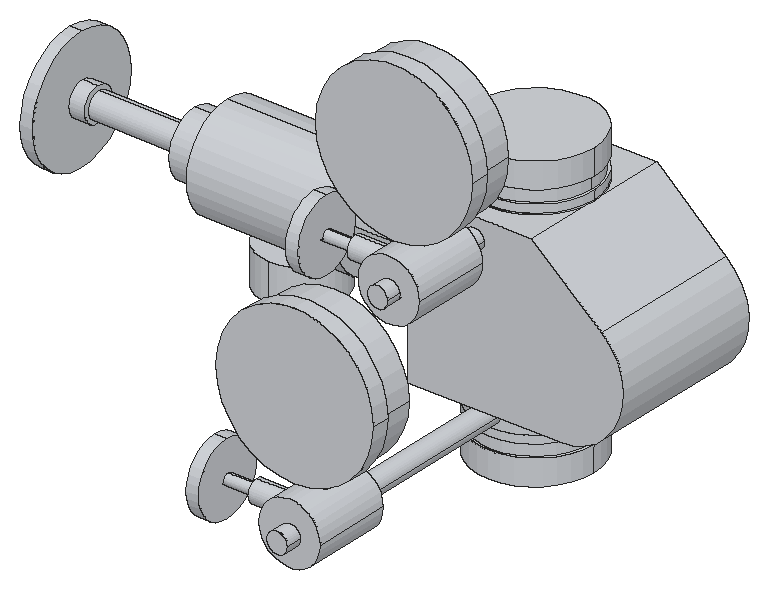
Revit family
Reference planes (in)
  plane 1 "Center (Front/Back)": y = 0
  plane 2: z = 0
  plane 3 "Center (Left/Right)": x = 0
Dimensions and locks (in)
  aligned and locked: plane 2 to level
Nested families (in)
  nested 1: "25RC" at (0, 0, 0), type "RASCO MODEL G RISER CHECK W/ TRIM"
Connectors (in)
  piping at (-0.00346, 0.00987, 7.11936)
    settings: on nested 1, index 1, connector radius 1 1/2", flow factor 0, pipe flow 0 GPM, pressure drop 0.00 psi, fitting loss kfactor 0, connector angle 0.00°, fixture units 0, flow configuration 0, flow direction 0, fitting loss method 0, system type 7, connector reference index -1, connector utility 0, adjustable connector no, is connector primary yes, fitting loss table "", connector description ""
  piping at (0, 0, 0)
    settings: on nested 1, index 2, connector radius 1 1/2", flow factor 0, pipe flow 0 GPM, pressure drop 0.00 psi, fitting loss kfactor 0, connector angle 0.00°, fixture units 0, flow configuration 0, flow direction 0, fitting loss method 0, system type 7, connector reference index -1, connector utility 0, adjustable connector no, is connector primary no, fitting loss table "", connector description ""
  piping at (-5.71068, 0, 1.64742)
    settings: on nested 1, index 3, connector radius 1", flow factor 0, pipe flow 0 GPM, pressure drop 0.00 psi, fitting loss kfactor 0, connector angle 0.00°, fixture units 0, flow configuration 0, flow direction 0, fitting loss method 0, system type 7, connector reference index -1, connector utility 0, adjustable connector no, is connector primary no, fitting loss table "", connector description ""
Definition of nested family "25RC"
  Reference planes (in)
    plane 1 "Center (Front/Back)": y = 0
    plane 2: z = 0
    plane 3 "Center (Left/Right)": x = 0
    plane 4 "ref.2": z = 0.62514
    plane 5: z = 7.125
    plane 6 "name": y = -3.125
    plane 7 "REF3": z = 0.93714
    plane 8: x = -11.38
  Forms (in)
    Extrusion 1, solid
      sketch origin (0, 0, 0) x (1, 0, 0) y (0, 1, 0)
        loop
          circle (0, 0) r 1.4325
      from 0 to 0.625
    Extrusion 2, solid
      sketch origin (0, 0, 0.62514) x (-1, 0, 0) y (0, -1, 0)
        loop
          circle (0, 0) r 1.43752
      from 0.512 to 5.35722
    Extrusion 3, solid
      sketch origin (0, 0, 0) x (0, 1, 0) y (0, 0, 1)
        loop
          circle (0, 3.875) r 1.25
      from 0 to -2.3366
    Extrusion 4, solid
      sketch origin (0, 0, -0.01919) x (-1, 0, 0) y (0, 0, -1)
        loop
          line (-3.13032, -4.51429) -> (-1.4308, -5.98186) -> (1.59547, -5.98186) -> (1.59547, -1.76919) -> (-2.062, -1.76919) -> (-2.10912, -1.76919)
          arc (-2.10912, -1.76919) -> (-3.57357, -2.7869) -> (-3.13032, -4.51429) r 1.5625
      from -1.90793 to 1.89249
    Extrusion 5, solid
      sketch origin (0, 0, 0.62514) x (-1, 0, 0) y (0, -1, 0)
        loop
          circle (0, 0) r 1.36
      from 0 to 0.312
    Extrusion 6, solid
      sketch origin (0, 0, 0.93714) x (-1, 0, 0) y (0, -1, 0)
        loop
          circle (0, 0) r 1.4325
      from 0 to 0.2
    Extrusion 7, solid
      sketch origin (-0.00346, 0.00987, 6.49436) x (0, 1, 0) y (-1, 0, 0)
        loop
          circle (0, 0) r 1.4325
      from 0 to 0.625
    Extrusion 8, solid
      sketch origin (0.00354, 0.00987, 6.18236) x (0, -1, 0) y (1, 0, 0)
        loop
          circle (0, 0) r 1.36
      from 0 to 0.312
    Extrusion 9, solid
      sketch origin (-0.0017, 0.00987, 5.98236) x (0, -1, 0) y (1, 0, 0)
        loop
          circle (0, 0) r 1.4325
      from 0 to 0.2
    Sweep 10, solid
      path origin (0, 0, 0) x (1, 0, 0) y (0, 0, 1)
        loop
          line (-3.86529, 3.88231) -> (-2.36529, 3.88231) -> (-2.27852, 3.88231)
      profile origin (-3.11529, 0, 3.88231) x (0, 0, 1) y (0, -1, 0)
        loop
          circle (0, 0) r 0.75
    Sweep 11, solid
      path origin (0, 0, 0) x (0, 1, 0) y (0, 0, 1)
        loop
          line (-1.82106, 5.45912) -> (-4.82106, 5.45912)
      profile origin (0, -3.32106, 5.45912) x (0, 0, -1) y (1, 0, 0)
        loop
          circle (0, 0) r 0.25
    Sweep 12, solid
      path origin (0, 0, 0) x (0, 1, 0) y (0, 0, 1)
        loop
          line (-7.88786, 1.36957) -> (-1.38786, 1.36957)
      profile origin (0, -4.63786, 1.36957) x (0, 0, 1) y (1, 0, 0)
        loop
          circle (0.06652, 0) r 0.25
  Dimensions and locks (in)
    radius of Extrusion 1 sketch curve = 0' - 1.4325"
    radius of Extrusion 7 sketch curve = 0' - 1.4325"
    aligned and locked: plane 2 to level
  Nested families (in)
    nested 1: "Angle valve2" at (-7.84547, 0, 1.13714), type "RASCO Valve, Angle , 1 1/4""
    nested 2: "Gauge" at (0, -3.125, 1.96865), type "RASCO Gauge"
    nested 3: "Gauge" at (0, -6.15638, -2.02283), type "RASCO Gauge"
    nested 4: "Globe Valve2" at (0.21925, -6.90638, 0.19677), type "RASCO Globe Valve"
    nested 5: "Globe Valve2" at (0.21946, -3.875, 4.19836), type "RASCO Globe Valve"
  Definition of nested family "Angle valve2"
    Parameters (values of type "RASCO Valve, Angle , 1 1/4"")
      Assembly Code = ""
    Reference planes (in)
      plane 1 "Center (Front/Back)": y = 0
      plane 2: z = 0
      plane 3 "Center (Left/Right)": x = 0
      plane 4 "ref.2": z = 4.346
      plane 5 "ref.3": z = 6.346
      plane 6 "ref.4": z = 8.166
      plane 7 "ref.5": z = 8.566
      plane 8 "ref. side": x = 1.57537
    Forms (in)
      Extrusion 1, solid
        sketch origin (5.08313, 0, 2.63157) x (-0.00712, 0, -0.999975) y (0, -1, 0)
          loop
            circle (0, 0) r 1.25
        from 1.10297 to 4.76608
      Extrusion 2, solid
        sketch origin (0.31715, 0, 2.66197) x (0.00712, 0, 0.999975) y (0, 1, 0)
          loop
            circle (0, 0) r 0.77644
        from 0 to 0.804
      Extrusion 3, solid
        sketch origin (-0.96692, 0, 2.65669) x (0.00712, 0, 0.999975) y (0, 1, 0)
          loop
            circle (0, 0) r 0.3125
        from -0.48 to 1.87297
      Extrusion 4, solid
        sketch origin (-2.83984, 0, 2.67182) x (0.00712, 0, 0.999975) y (0, 1, 0)
          loop
            circle (0, 0) r 0.4125
        from 0 to 0.4
      Extrusion 5, solid
        sketch origin (-3.24009, 0, 2.63833) x (0, -1, 0) y (0.00712, 0, 0.999975)
          loop
            circle (0, 0) r 1.5
        from 0 to 0.3
      Extrusion 6, solid
        sketch origin (4.60938, 0, 1.41268) x (-0.999975, 0, 0.00712) y (0, 1, 0)
          loop
            circle (2.4681, 0) r 1
        from 0.01319 to 0.92
    Dimensions and locks (in)
      Extrusion 5 to Extrusion 1 = 0' - 7.52008"
      aligned and locked: plane 2 to level
  Definition of nested family "Gauge"
    Reference planes (in)
      plane 1 "Center (Front/Back)": y = 0
      plane 2: z = 0
      plane 3 "Center (Left/Right)": x = 0
      plane 4: z = 7.47962
      plane 5 "ref.2": y = -0.425
      plane 6 "ref.3": z = 5.65212
      plane 7 "refdt": y = -1.191
    Forms (in)
      Extrusion 1, solid
        sketch origin (0, -1.191, -1.051) x (-1, 0, 0) y (0, 0, 1)
          loop
            circle (0, 7.47962) r 1.9225
        from 0 to 0.425
      Extrusion 2, solid
        sketch origin (0, -0.766, -1.051) x (0, 0, 1) y (1, 0, 0)
          loop
            circle (7.47962, 0) r 1.8275
        from 0 to 0.766
      Extrusion 3, solid
        sketch origin (0, -1.191, 4.60112) x (1, 0, 0) y (0, 1, 0)
          loop
            circle (0, 0.80101) r 0.2725
        from 0 to -1.146
    Lines and regions (in)
      model lines
        curve 1: arc (-1.6525, -1.191, 6.42862) -> (0, -1.191, 8.08112) -> (1.6525, -1.191, 6.42862) r 1.6525
        curve 2: arc (-1.4775, -1.191, 6.42862) -> (0, -1.191, 7.90612) -> (1.4775, -1.191, 6.42862) r 1.4775
        curve 3: line (-1.6525, -1.191, 6.42862) -> (-1.4775, -1.191, 6.42862)
        curve 4: line (1.4775, -1.191, 6.42862) -> (1.6525, -1.191, 6.42862)
        curve 5: line (-0.53387, -1.191, 6.23266) -> (0.86594, -1.191, 7.32631)
        curve 6: line (0.86594, -1.191, 7.32631) -> (-0.38079, -1.191, 6.07958)
        curve 7: line (-0.38079, -1.191, 6.07958) -> (-0.53387, -1.191, 6.23266)
    Dimensions and locks (in)
      aligned and locked: plane 2 to level
  Definition of nested family "Globe Valve2"
    Parameters (values of type "RASCO Globe Valve")
      Assembly Code = ""
    Reference planes (in)
      plane 1 "Center (Front/Back)": y = 0
      plane 2: z = 0
      plane 3 "Center (Left/Right)": x = 0
      plane 4 "ref. side": x = -0.5
      plane 5 "ref. side2": x = -1.734
      plane 6 "ref. side 4": x = -2.763
    Forms (in)
      Extrusion 1, solid
        sketch origin (-0.22225, -0.51301, 1.26951) x (1, 0, 0) y (0, 0, -1)
          loop
            circle (0, 0) r 0.75
        from -0.07961 to 1.82121
      Extrusion 2, solid
        sketch origin (-1.77701, -0.51016, 1.24486) x (0, 1, 0) y (0, 0, 1)
          loop
            circle (0.86289, 0) r 0.265
        from -0.00766 to 1.234
      Extrusion 3, solid
        sketch origin (-1.78467, -0.49129, 1.24486) x (0, -1, 0) y (0, 0, 1)
          loop
            circle (-0.85773, 0) r 0.135
        from 0 to 1.029
      Extrusion 4, solid
        sketch origin (-2.81367, -0.49129, 1.24486) x (0, 1, 0) y (0, 0, 1)
          loop
            circle (0.85138, 0) r 0.87523
        from 0 to 0.3
    Dimensions and locks (in)
      aligned and locked: plane 2 to level
